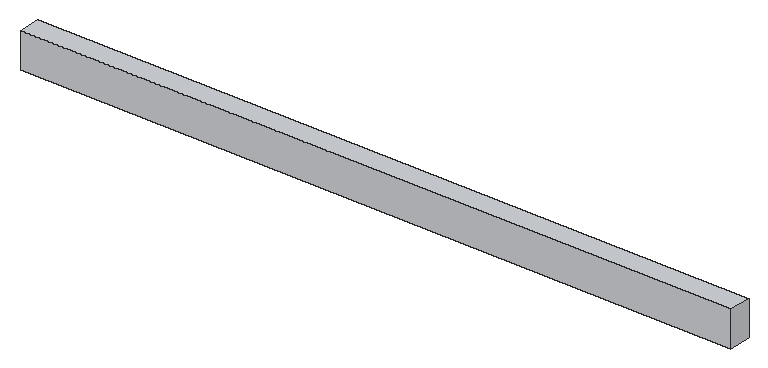
Revit family "Dag - Prima Consegna 2018", category Generic Models, Revit 2018
Family settings
  Can host rebar = No
  Round Connector Dimension = Use Diameter
  Part Type = Normal
  Work Plane-Based = No
  Always vertical = Yes
  Cut with Voids When Loaded = No
  Shared = No
  Room Calculation Point = No
Parameters
  Profondità = 0.3 m
  C_Larghezza2 [instance] = 10 m
  Altezza = 0.5 m
Reference planes (m)
  plane 1 "Center (Front/Back)": y = 0
  plane 2: z = 0
  plane 3 "Center (Left/Right)": x = 0
  plane 4: y = 0.3
  plane 5: x = 10
  plane 6: z = 0.5
Forms (m)
  Extrusion 1, solid
    sketch origin (0, 0, 0) x (1, 0, 0) y (0, 1, 0)
      loop
        line (0, 0.3) -> (0, 0) -> (10, 0) -> (10, 0.3) -> (0, 0.3)
    from 0 to 0.5
Dimensions and locks (m)
  "Profondità": plane 1 "Center (Front/Back)" to plane 4
  "C_Larghezza2": plane 3 "Center (Left/Right)" to plane 5
  "Altezza": plane 6 to plane 2
  aligned and locked: plane 2 to level
  aligned and locked: Extrusion 1 to plane 4
  aligned and locked: Extrusion 1 to plane 3 "Center (Left/Right)"
  aligned and locked: plane 1 "Center (Front/Back)" to Extrusion 1
  aligned and locked: plane 5 to Extrusion 1
  aligned and locked: Extrusion 1 to plane 6
Automatic sketch dimensions
  plane 5 to Extrusion 1 sketch curve = 0 m
  plane 1 "Center (Front/Back)" to Extrusion 1 sketch curve = 0 m
  plane 4 to Extrusion 1 sketch curve = 0 m
  Extrusion 1 sketch curve to plane 3 "Center (Left/Right)" = 0 m
